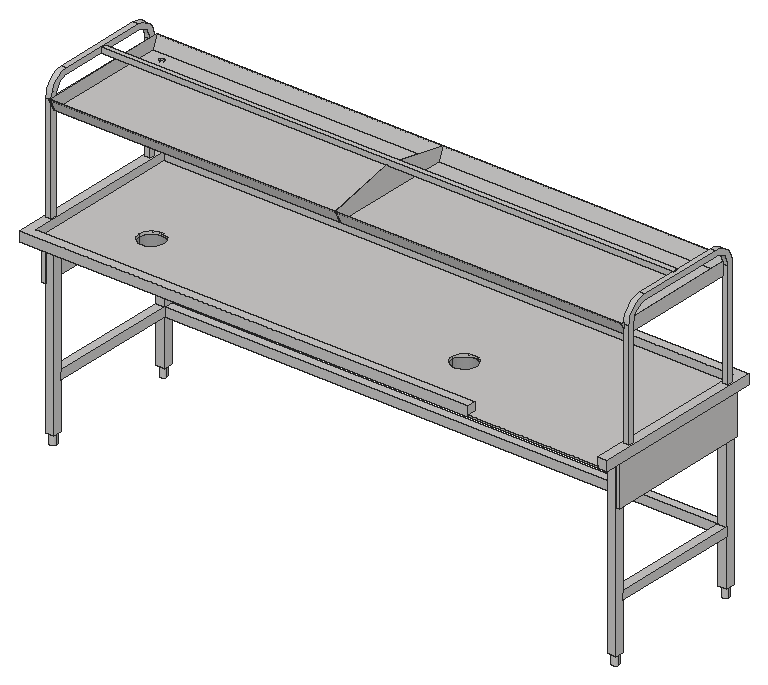
Revit family "QF_ZANUSSI_865341_BHST2708L", category Attrezzature speciali, Revit 2020
Family settings
  Quota connettore circolare = Usa diametro
  Tipo di parte = Normale
  Basato su piano di lavoro = No
  Sempre verticale = Sì
  Taglio con vuoti quando caricato = No
  Condiviso = No
  Punto di calcolo locali = No
Parameters (values of type "Standard")
  Weight = 24.00 kg
  Watts = 0 W
  Volts = 0 V
  URL Manufacturer = "http://www.zanussiprofessional.com"
  URL = "http://www.zanussiprofessional.com"
  Steam Supply Size = 0 mm
  Steam Supply Minimum Pressure = 0.0 Pa
  Steam Supply Maximum Pressure = 0.0 Pa
  Steam Consumption per Hour = 0
  Refrigeration Suction Line Size = 0 mm
  Refrigeration Liquid Line Size = 0 mm
  Refrigerant Compressor Remote = yes
  Prospetto di default = 0 mm
  Produttore = "Zanussi"
  Phase = 0
  Modello = "BHST2708L"
  Length Actual = 2700 mm  # constant formula
  Item Number = "865341"
  Hot Water Size = 0 mm
  Height Actual = 1551 mm  # constant formula
  HP = "0 HP"
  Gas Size = 0 mm
  Gas KW = 0
  Gas Input Pressure = 0 W
  Direct Waste Size = 0 mm
  Description = "SORTING TABLE, LEFT>RIGHT, 2700X800 MM "
  Depth Actual = 800 mm  # constant formula
  Cycle = 0 Hz
  Condensate Return Size = 0 mm
  Compressed Air Volume = 0.0 L/s
  Compressed Air Size = 0 mm
  Compressed Air Pressure = 0.0 Pa
  Cold Water Size = 0 mm
  Accessory = yes
Reference planes
  plane 1 "Centro (Fronte/Retro)": y = 0
  plane 2: z = 0
  plane 3 "Centro (Sinistra/Destra)": x = 0
  plane 4: x = 1350
  plane 5: z = 1492
  plane 6: x = 20
  plane 7: y = -379.5
  plane 8: x = 56
  plane 9: y = -60
  plane 10: y = -695
  plane 11: x = 2700
  plane 12: x = 2644
Forms (mm)
  Extrusion 1, solid, material "QF_Finishes_Stainless Steel"
    sketch origin (-964, -40, 0) x (1, 0, 0) y (0, 1, 0)
      loop
        line (1000, 0) -> (1000, -40) -> (1040, -40) -> (1040, 0) -> (1000, 0)
    from 45 to 865
  Extrusion 2, solid, material "QF_Finishes_Stainless Steel"
    sketch origin (-964, -40, 0) x (1, 0, 0) y (0, 1, 0)
      loop
        circle (1020, -20) r 15
    from 0 to 45
  Extrusion 3, solid, material "QF_Finishes_Stainless Steel"
    sketch origin (-964, -675, 0) x (1, 0, 0) y (0, 1, 0)
      loop
        line (1000, 0) -> (1000, -40) -> (1040, -40) -> (1040, 0) -> (1000, 0)
    from 45 to 865
  Extrusion 4, solid, material "QF_Finishes_Stainless Steel"
    sketch origin (-964, -675, 0) x (1, 0, 0) y (0, 1, 0)
      loop
        circle (1020, -20) r 15
    from 0 to 45
  Extrusion 5, solid, material "QF_Finishes_Stainless Steel"
    sketch origin (0, 0, 0) x (1, 0, 0) y (0, 0, 1)
      loop
        line (76, 259.624) -> (2624, 259.624) -> (2624, 299.579) -> (76, 299.579) -> (76, 259.624)
    from 40 to 80
  Extrusion 6, solid, material "QF_Finishes_Stainless Steel"
    sketch origin (36, 0, 0) x (0, 1, 0) y (0, 0, 1)
      loop
        line (-80, 299.579) -> (-675, 299.579) -> (-675, 259.579) -> (-80, 259.579) -> (-80, 299.579)
    from 0 to 40
  Sweep 7, solid, material "QF_Finishes_Stainless Steel"
    path origin (0, 0, -12) x (0, 1, 0) y (0, 0, 1)
      loop
        line (-95, 922) -> (-95, 1412)
        arc (-95, 1412) -> (-118.431, 1468.569) -> (-175, 1492) r 80
        line (-175, 1492) -> (-584, 1492)
        arc (-584, 1492) -> (-640.569, 1468.569) -> (-664, 1412) r 80
        line (-664, 1412) -> (-664, 922)
    profile origin (0, -95, 1155) x (0, -1, 0) y (1, 0, 0)
      loop
        line (-12, 8) -> (12, 8) -> (12, 32) -> (-12, 32) -> (-12, 8)
  Extrusion 8, solid, material "QF_Finishes_Stainless Steel"
    sketch origin (0, 0, -12) x (0, 1, 0) y (0, 0, 1)
      loop
        line (-367.5, 1504) -> (-391.5, 1504) -> (-391.5, 1480) -> (-367.5, 1480) -> (-367.5, 1504)
    from 32 to 2668
  Extrusion 9, void
    sketch origin (32, 0, -6.687) x (0, 1, 0) y (0, 0, 1)
      loop
        line (-56.629, 1444.891) -> (-702.371, 1444.891) -> (-663.034, 1360.532) -> (-95.966, 1360.532) -> (-56.629, 1444.891)
    from 3.287 to 2634
  Extrusion 10, solid, material "QF_Finishes_Stainless Steel"
    sketch origin (32, 0, -12) x (0, 1, 0) y (0, 0, 1)
      loop
        line (-70.92, 1418.976) -> (-688.08, 1418.976) -> (-661.76, 1362.532) -> (-97.24, 1362.532) -> (-70.92, 1418.976)
    from 0 to 2636
  Extrusion 11, void
    sketch origin (0, 0, -12) x (1, 0, 0) y (0, 1, 0)
      loop
        circle (108.268, -136.161) r 12
    from 1301.755 to 1377.519
  Extrusion 12, solid, material "QF_Finishes_Stainless Steel"
    sketch origin (0, 0, -12) x (1, 0, 0) y (0, 1, 0)
      loop
        circle (108.21, -136.146) r 13
    from 1316.037 to 1362.532
  Extrusion 13, void
    sketch origin (0, 0, -12) x (1, 0, 0) y (0, 1, 0)
      loop
        circle (108.268, -136.161) r 10
    from 1301.755 to 1377.519
  Extrusion 14, solid, material "QF_Finishes_Stainless Steel"
    sketch origin (1700, 0, 865) x (-1, 0, 0) y (0, -1, 0)
      loop
        line (-960, 814) -> (-960, 40) -> (1660, 40) -> (1660, 774) -> (-360, 774) -> (-360, 814) -> (-960, 814)
    from 0 to 10
  Extrusion 15, solid, material "QF_Finishes_Stainless Steel"
    sketch origin (2664, 0, 0) x (0, 1, 0) y (0, 0, -1)
      loop
        line (-80, -299.579) -> (-80, -259.579) -> (-675, -259.579) -> (-675, -299.579) -> (-80, -299.579)
    from 0 to 40
  Extrusion 16, solid, material "QF_Finishes_Stainless Steel"
    sketch origin (251, 0, 0) x (0, 1, 0) y (0, 0, 1)
      loop
        line (-367.5, 1468) -> (-391.5, 1468) -> (-687.809, 1406.976) -> (-663.034, 1353.844) -> (-95.966, 1353.844) -> (-71.191, 1406.976) -> (-367.5, 1468)
    from 1098 to 1100
  Extrusion 17, solid, material "QF_Finishes_Stainless Steel"
    sketch origin (0, 0, 0) x (0, 1, 0) y (0, 0, 1)
      loop
        line (-40, 865) -> (-715, 865) -> (-715, 660) -> (-40, 660) -> (-40, 865)
    from 20 to 36
  Extrusion 18, solid, material "QF_Finishes_Stainless Steel"
    sketch origin (3664, -40, 0) x (-1, 0, 0) y (0, -1, 0)
      loop
        line (1000, 0) -> (1040, 0) -> (1040, 40) -> (1000, 40) -> (1000, 0)
    from 45 to 865
  Extrusion 19, solid, material "QF_Finishes_Stainless Steel"
    sketch origin (3664, -40, 0) x (-1, 0, 0) y (0, -1, 0)
      loop
        circle (1020, 20) r 15
    from 0 to 45
  Extrusion 20, solid, material "QF_Finishes_Stainless Steel"
    sketch origin (3664, -675, 0) x (-1, 0, 0) y (0, -1, 0)
      loop
        line (1000, 0) -> (1040, 0) -> (1040, 40) -> (1000, 40) -> (1000, 0)
    from 45 to 865
  Extrusion 21, solid, material "QF_Finishes_Stainless Steel"
    sketch origin (3664, -675, 0) x (-1, 0, 0) y (0, -1, 0)
      loop
        circle (1020, 20) r 15
    from 0 to 45
  Sweep 22, solid, material "QF_Finishes_Stainless Steel"
    path origin (2700, 0, -12) x (0, 1, 0) y (0, 0, -1)
      loop
        line (-95, -922) -> (-95, -1412)
        arc (-95, -1412) -> (-118.431, -1468.569) -> (-175, -1492) r 80
        line (-175, -1492) -> (-584, -1492)
        arc (-584, -1492) -> (-640.569, -1468.569) -> (-664, -1412) r 80
        line (-664, -1412) -> (-664, -922)
    profile origin (2700, -95, 1155) x (0, 1, 0) y (-1, 0, 0)
      loop
        line (12, 8) -> (12, 32) -> (-12, 32) -> (-12, 8) -> (12, 8)
  Extrusion 23, solid, material "QF_Finishes_Stainless Steel"
    sketch origin (2700, 0, 0) x (0, 1, 0) y (0, 0, -1)
      loop
        line (-40, -865) -> (-40, -660) -> (-715, -660) -> (-715, -865) -> (-40, -865)
    from 20 to 36
  Extrusion 24, solid, material "QF_Finishes_Stainless Steel"
    sketch origin (2700, 0, 865) x (-1, 0, 0) y (0, -1, 0)
      loop
        line (0, 0) -> (2700, 0) -> (2700, 814) -> (640, 814) -> (640, 774) -> (2660, 774) -> (2660, 40) -> (40, 40) -> (40, 814) -> (0, 814) -> (0, 0)
    from 0 to 45
  Extrusion 25, void
    sketch origin (980, -30, 0) x (-1, 0, 0) y (0, -1, 0)
      loop
        circle (610, 490) r 58
    from 674.596 to 947.421
  Extrusion 26, void
    sketch origin (2420, -30, 0) x (-1, 0, 0) y (0, -1, 0)
      loop
        circle (610, 490) r 58
    from 674.596 to 947.421
Cuts and joins
  Extrusion 9, Extrusion 13 cuts Extrusion 10
  Extrusion 11 cuts Extrusion 12
  Extrusion 25, Extrusion 26 cuts Extrusion 14
Dimensions and locks
  plane 5 to level = 1492 mm  (x2)
  Extrusion 5 to Extrusion 5 = 39.955 mm
  Extrusion 1 to Extrusion 3 = 595 mm
  plane 9 to plane 10 = 635 mm
  plane 11 to plane 3 "Centro (Sinistra/Destra)" = 2700 mm
  Sweep 7 to Sweep 7 = 545 mm
  plane 3 "Centro (Sinistra/Destra)" to plane 11 = 2700 mm
  cut or joined group of Extrusion 14, Extrusion 25, Extrusion 26 to plane 1 "Centro (Fronte/Retro)" = 774 mm
  plane 12 to plane 8 = 2588 mm
  Extrusion 20 to Extrusion 3 = 2548 mm
  aligned and locked: level to plane 2
  aligned and locked: Extrusion 2 to Extrusion 1
  aligned and locked: Extrusion 4 to Extrusion 3
  aligned and locked: Extrusion 8 to Sweep 7
  aligned and locked: Extrusion 18 to Extrusion 19
  aligned and locked: Extrusion 20 to Extrusion 21
Nested families
  nested 1: "FORO_IMMONDIZIE - 200" at (370, -520, 863.471) x (-1, 0, 0) z (0, 0, 1), type "FORO_IMMONDIZIE - 200"
  nested 2: "FORO_IMMONDIZIE - 200" at (1810, -520, 863.471) x (-1, 0, 0) z (0, 0, 1), type "FORO_IMMONDIZIE - 200"
Definition of nested family "FORO_IMMONDIZIE - 200"
  Parameters (values of type "FORO_IMMONDIZIE - 200")
    Default Elevation = 1219.2 mm
  Reference planes
    plane 1 "Centro (Fronte/Retro)": y = 0
    plane 2: z = 0
    plane 3 "Centro (Sinistra/Destra)": x = 0
    plane 4: z = -110
  Forms (mm)
    Extrusion 1, solid, not visible
      sketch origin (0, 0, 0) x (1, 0, 0) y (0, 1, 0)
        loop
          line (-1219.2, 1219.2) -> (-1219.2, -1219.2) -> (1219.2, -1219.2) -> (1219.2, 1219.2) -> (-1219.2, 1219.2)
      from 0 to -304.8
    Extrusion 2, solid
      sketch origin (0, 0, 0) x (1, 0, 0) y (0, 1, 0)
        loop
          circle (0, 0) r 60
        loop
          circle (0, 0) r 90
      from -110 to 1.529
  Dimensions and locks
    aligned and locked: plane 2 to Extrusion 1
    aligned and locked: level to Extrusion 1
